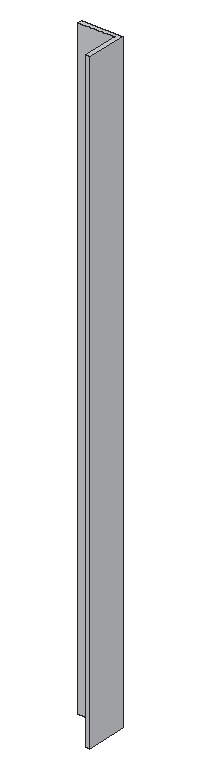
Revit family "Profiles_L_Baluster_Type03", category Balusters, Revit 2022
Family settings
  OmniClass Number = 23.30.80.11.11.14
  OmniClass Title = Posts, Newel Posts, Pickets
  Always vertical = Yes
  Cut with Voids When Loaded = No
  Shared = No
Parameters (values of type "Profiles_L_Baluster 50x50mm")
  built-in parameter 1008623 [instance] = 32.47°
  built-in parameter 1008625 [instance] = (empty or 0)
  R2 = 50 mm
  R1 = 5 mm
  Post = no
  L2 = 50 mm
  L1 = 5 mm
  built-in parameter 1008624 [instance] = 32.47°
  built-in parameter 1008622 [instance] = 750 mm
Reference planes
  plane 1 "Center (Front/Back)": y = 0
  plane 2: z = 0
  plane 3 "Center (Left/Right)": x = 0
  plane 4 "Top": z = 750
  plane 5 "Top Cut Angle": through (0, 339.699, 533.838) normal (0, -0.5369, -0.8437)
  plane 6 "Bottom Cut Angle": through (0, 0, 0) normal (0, -0.5369, -0.8437)
  plane 7: y = -50
  plane 8: y = -5
  plane 9: x = -5
  plane 10: x = -50
Forms (mm)
  Extrusion 1, solid
    sketch origin (0, 0, 0) x (0, 1, 0) y (-1, 0, 0)
      loop
        line (-50, 0) -> (0, 0) -> (0, 50) -> (-5, 50) -> (-5, 5) -> (-50, 5) -> (-50, 0)
    from 0 to 750
Lines and regions (mm)
  model lines
    curve 1: line (0, 0, 0) -> (0, -50, 0)
    curve 2: line (0, -50, 0) -> (-5, -50, 0)
    curve 3: line (-5, -50, 0) -> (-5, -5, 0)
    curve 4: line (-5, -5, 0) -> (-50, -5, 0)
    curve 5: line (-50, -5, 0) -> (-50, 0, 0)
    curve 6: line (-50, 0, 0) -> (0, 0, 0)
Text (mm)
  text "Baluster Elevation" at (0, 78.538, 1092.824), in view "Left"
Dimensions and locks
  "built-in parameter 1008622": plane 2 to plane 4 "Top"
  "R2": plane 1 "Center (Front/Back)" to plane 7
  "L1": plane 9 to plane 3 "Center (Left/Right)"
  "L1": plane 8 to plane 1 "Center (Front/Back)"
  "L2": plane 10 to plane 3 "Center (Left/Right)"
  "built-in parameter 1008623": angle plane 4 "Top" to plane 5 "Top Cut Angle"
  "built-in parameter 1008624": angle level to plane 6 "Bottom Cut Angle"
  aligned and locked: plane 2 to level
  aligned and locked: curve 2 to plane 7
  aligned and locked: curve 3 to plane 9
  aligned and locked: curve 4 to plane 8
  aligned and locked: curve 5 to plane 10
  aligned and locked: Extrusion 1 sketch curve to curve 2
  aligned and locked: Extrusion 1 sketch curve to curve 1
  aligned and locked: Extrusion 1 sketch curve to curve 3
  aligned and locked: Extrusion 1 sketch curve to curve 4
  aligned and locked: Extrusion 1 sketch curve to curve 6
  aligned and locked: Extrusion 1 sketch curve to curve 5
  aligned and locked: Extrusion 1 to plane 4 "Top"
Automatic sketch dimensions
  curve 1 to plane 3 "Center (Left/Right)" = 0 mm
  plane 1 "Center (Front/Back)" to curve 1 = 0 mm
